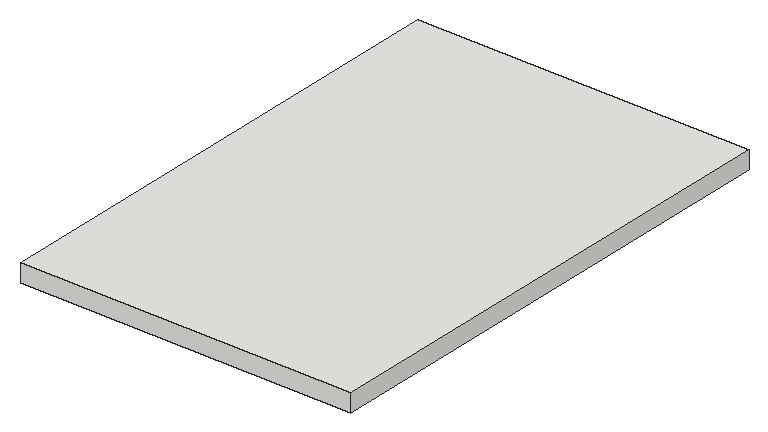
Revit family "SURVIVOR130xxWS8xxx-US", category Leuchten, Revit 2020
Family settings
  Basisbauteil = Fläche
  Bemaßung runder Anschluss = Durchmesser verwenden
  Teiletyp = Normal
  OmniClass-Nummer = 23.80.70.11
  OmniClass-Titel = Luminaries for Internal Lighting
  Beim Laden mit Abzugskörper schneiden = Nein
  Lichtquelle = Ja
  Gemeinsam genutzt = Nein
  Raumberechnungspunkt = Nein
Parameters (values of type "SURVIVOR130DAWS840S0650-US")
  width = 240 mm  # constant formula
  weight = "11 kg"
  voltage type (AC, DC, UC) = "AC"
  rated input power = 46
  product name = "SURVIVOR130DAWS840S0650-US"
  nominal voltage = "230"
  nominal frequency = "50-60Hz"
  length = 1300 mm  # constant formula
  ingress protection (IP) code = "IP65"
  height = 73 mm  # constant formula
  electrical safety class = "1"
  control gear = ""
  conformity mark = "CE"  # constant formula
  brand = "RIDI"
  approval mark = ""
  built-in parameter 1150104 = 13.8 (stored number, unit not read)
  Wattage = 45.2397 W
  Von Breite des Rechtecks ausssenden = 1228 mm
  Von Länge des Rechtecks aussenden = 172 mm  # constant formula
  Default Elevation = 0 mm
  built-in parameter 1150113 = 1 (stored number, unit not read)
  built-in parameter 1114218 = 1 (stored number, unit not read)
  URL = "www.ridi.de"
  built-in parameter 1150134 = 12
  built-in parameter 1150109 = 1 (stored number, unit not read)
  built-in parameter 1150110 = 1 (stored number, unit not read)
  Apparent Load = 46 VA
  Tilt Angle = 90.00°
  Modell = "6069110//425"
  built-in parameter 1114217 = 1 (stored number, unit not read)
  built-in parameter 1150139 = (empty or 0)
  built-in parameter 1150105 = 2486.5 (stored number, unit not read)
  built-in parameter 1150114 = 1 (stored number, unit not read)
  Lumens = 6720 lm
  built-in parameter 1150115 = 1 (stored number, unit not read)
  built-in parameter 1150112 = 1 (stored number, unit not read)
  Lampe = "LED"
  Hersteller = "RIDI Leuchten GmbH"  # constant formula
  Dimming Lamp Color Temperature Shift = (empty or 0)
  Color Filter = 16777215
  built-in parameter 1150133 = 10 (stored number, unit not read)
  Emit Shape Visible in Rendering = no
  built-in parameter 1150137 = (empty or 0)
  built-in parameter 1150132 = 2
  Datei für fotometrisches Netz = "SURVIVOR_S.IES"
  Copyright = "© RIDI. All rights reserved."  # constant formula
  built-in parameter 1150106 = 24.865 (stored number, unit not read)
  Baugruppenkennzeichen = "D5020200"
  built-in parameter 1150107 = 4000 (stored number, unit not read)
  built-in parameter 1150102 = (empty or 0)
  built-in parameter 1150138 = (empty or 0)
Types (6, lengths in mm): name | rated input power | product name | Wattage | built-in parameter 1150134 | Apparent Load | Modell | built-in parameter 1150105 | Lumens | Datei für fotometrisches Netz | built-in parameter 1150106 | built-in parameter 1150107
  (no name) | 46 | "SURVIVOR130DAWS840S0650-US" | 45.2397 W | 12 | 46 VA | "6069110//425" | 2486.5 (stored number, unit not read) | 6720 lm | "SURVIVOR_S.IES" | 24.865 (stored number, unit not read) | 4000 (stored number, unit not read)
  SURVIVOR130DAWS830AS0550-US | 46 | "SURVIVOR130DAWS830AS0550-US" | 35.7475 W | (empty or 0) | 46 VA | "6069079//425" | 2044.8 (stored number, unit not read) | 5310 lm | "SURVIVOR_SAS.IES" | 20.448 (stored number, unit not read) | 3000 (stored number, unit not read)
  SURVIVOR130DAWS830MPO0550-US | 46 | "SURVIVOR130DAWS830MPO0550-US" | 34.1991 W | (empty or 0) | 46 VA | "6069092//425" | 3123.7 (stored number, unit not read) | 5080 lm | "SURVIVOR_MPO.IES" | 31.237 (stored number, unit not read) | 3000 (stored number, unit not read)
  SURVIVOR130DAWS830S0650-US | 46 | "SURVIVOR130DAWS830S0650-US" | 42.8835 W | (empty or 0) | 46 VA | "6069076//425" | 2357 (stored number, unit not read) | 6370 lm | "SURVIVOR_S.IES" | 23.57 (stored number, unit not read) | 3000 (stored number, unit not read)
  SURVIVOR130DAWS840K0550-US | 36 | "SURVIVOR130DAWS840K0550-US" | 37.0266 W | 12 | 36 VA | "0632214//425" | 2035.1 (stored number, unit not read) | 5500 lm | "SURVIVOR_K.IES" | 20.351 (stored number, unit not read) | 4000 (stored number, unit not read)
  SURVIVOR130DAWS840S0650-US | 46 | "SURVIVOR130DAWS840S0650-US" | 45.2397 W | 12 | 46 VA | "6069110//425" | 2486.5 (stored number, unit not read) | 6720 lm | "SURVIVOR_S.IES" | 24.865 (stored number, unit not read) | 4000 (stored number, unit not read)
Reference planes
  plane 1 "Mitte (Vorne/hinten)": y = 0
  plane 2: z = 0
  plane 3 "Mitte (Links/rechts)": x = 0
Forms (mm)
  Extrusion 1, solid
    sketch origin (219.2, 280.8, 0) x (1, 0, 0) y (0, 1, 0)
      loop
        line (-1219.2, 1219.2) -> (-1219.2, -1780.8) -> (780.8, -1780.8) -> (780.8, 1219.2) -> (-1219.2, 1219.2)
    from 0 to -107.307
Dimensions and locks
  aligned and locked: plane 2 to Extrusion 1
  aligned and locked: level to Extrusion 1
Connectors
  electrical at (53.526, -623.988, 0.508), driven by "Apparent Load"
    settings: on import instance, index 1, voltage 230 V, apparent load 0 VA, apparent load phase1 46 VA, apparent load phase2 0 VA, apparent load phase3 0 VA, power factor 1, load classification "Lighting", number of poles 1, system type 31, power factor state 1, is connector primary yes, connector utility no, sub classification motor no, connector description ""
